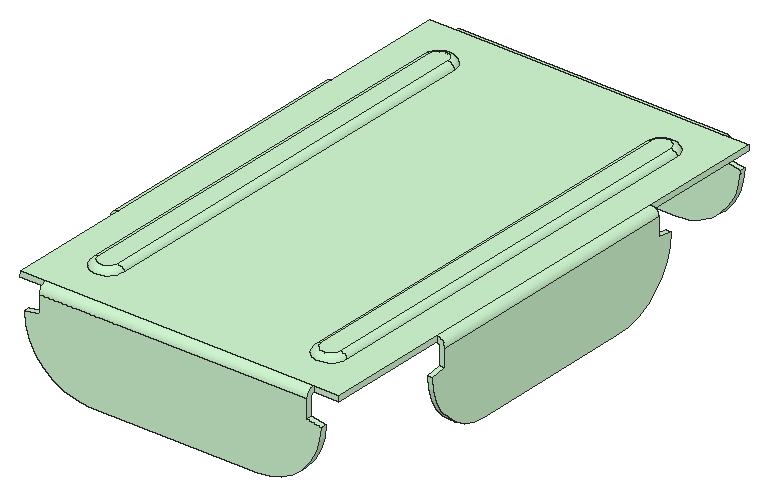
Revit family "crossjoint_ww", category 機械設備, Revit 2022
Family settings
  丸型コネクタ寸法 = 直径を使用
  種別 = なし
  パーツ タイプ = 標準
  作業面ベース = いいえ
  常に垂直 = はい
  ロード時にボイドで切り取り = いいえ
  注釈の向きを維持 = いいえ
  共有 = いいえ
  部屋計算ポイント = いいえ
Parameters
  製造元 = "株式会社桐井製作所"
  既定の高さ = 0 mm
  URL = "https://www.kirii.co.jp/"
  K_品名 = "クロスジョイントWW"
  K_名称 = "特殊ジョイント"
  K_入数 = "250"
  K_バージョン情報 = "20211012"
Reference planes
  plane 1 "中心(正面/背面)": y = 0
  plane 2: z = 0
  plane 3 "中心(左/右)": x = 0
Forms (mm)
  Extrusion 1, solid
    sketch origin (0, 0, 0) x (-1, 0, 0) y (0, 0, 1)
      loop
        arc (24.7, 0) -> (25.054, -0.146) -> (25.2, -0.5) r 0.5
        line (25.2, -0.5) -> (25.2, -13.4) -> (26, -13.4) -> (26, -0.5)
        arc (26, -0.5) -> (25.619, 0.419) -> (24.7, 0.8) r 1.3
        line (24.7, 0.8) -> (-24.7, 0.8)
        arc (-24.7, 0.8) -> (-25.619, 0.419) -> (-26, -0.5) r 1.3
        line (-26, -0.5) -> (-26, -13.4) -> (-25.2, -13.4) -> (-25.2, -0.5)
        arc (-25.2, -0.5) -> (-25.054, -0.146) -> (-24.7, 0) r 0.5
        line (-24.7, 0) -> (24.7, 0)
    from -39.8 to 39.8
  Extrusion 2, solid
    sketch origin (0, -0.031, 0) x (0, 1, 0) y (0, 0, 1)
      loop
        line (-39.769, 0) -> (-39.769, 0.8)
        arc (-39.769, 0.8) -> (-40.688, 0.419) -> (-41.069, -0.5) r 1.3
        line (-41.069, -0.5) -> (-41.069, -13.4) -> (-40.269, -13.4) -> (-40.269, -0.5)
        arc (-40.269, -0.5) -> (-40.122, -0.146) -> (-39.769, 0) r 0.5
    from -26 to 24.8
  Extrusion 3, void
    sketch origin (0, 7.047, -20.4) x (-1, 0, 0) y (0, 0, 1)
      loop
        arc (-13.1, 7) -> (-20.1, 9.859) -> (-23.098, 16.8) r 10
        line (-23.098, 16.8) -> (-20.8, 17.2) -> (-20.8, 21.2) -> (-24.8, 21.2) -> (-24.8, 7) -> (-13.1, 7)
    from -48.4 to -46.543
  Extrusion 4, void
    sketch origin (0, 7.047, -20.4) x (1, 0, 0) y (0, 0, -1)
      loop
        line (-20.8, -17.2) -> (-23.098, -16.8)
        arc (-23.098, -16.8) -> (-20.1, -9.859) -> (-13.1, -7) r 10
        line (-13.1, -7) -> (-26, -7) -> (-26, -21.2) -> (-20.8, -21.2) -> (-20.8, -17.2)
    from -48.4 to -46.543
  Extrusion 5, solid
    sketch origin (0, 0.031, 0) x (0, -1, 0) y (0, 0, -1)
      loop
        line (-40.269, 0.5) -> (-40.269, 13.4) -> (-41.069, 13.4) -> (-41.069, 0.5)
        arc (-41.069, 0.5) -> (-40.688, -0.419) -> (-39.769, -0.8) r 1.3
        line (-39.769, -0.8) -> (-39.769, 0)
        arc (-39.769, 0) -> (-40.122, 0.146) -> (-40.269, 0.5) r 0.5
    from -26 to 26
  Extrusion 6, void
    sketch origin (0, -7.113, -20.4) x (-1, 0, 0) y (0, 0, -1)
      loop
        line (-20.8, -17.2) -> (-23.098, -16.8)
        arc (-23.098, -16.8) -> (-20.1, -9.859) -> (-13.1, -7) r 10
        line (-13.1, -7) -> (-26, -7) -> (-26, -21.2) -> (-20.8, -21.2) -> (-20.8, -17.2)
    from -48.4 to -46.543
  Extrusion 7, void
    sketch origin (0, -7.113, -20.4) x (1, 0, 0) y (0, 0, 1)
      loop
        line (-23.098, 16.8) -> (-20.8, 17.2) -> (-20.8, 21.2) -> (-26, 21.2) -> (-26, 7) -> (-13.1, 7)
        arc (-13.1, 7) -> (-20.1, 9.859) -> (-23.098, 16.8) r 10
    from -48.4 to -46.543
  Extrusion 8, void
    sketch origin (3.452, 0, 0) x (0, 1, 0) y (0, 0, 1)
      loop
        line (-20.8, -3.2) -> (-20.8, 0.8) -> (-41.1, 0.8) -> (-41.1, -13.4) -> (-13.1, -13.4)
        arc (-13.1, -13.4) -> (-20.1, -10.541) -> (-23.098, -3.6) r 10
        line (-23.098, -3.6) -> (-20.8, -3.2)
    from -29.452 to -28.252
  Extrusion 9, void
    sketch origin (3.452, 0, 0) x (0, -1, 0) y (0, 0, -1)
      loop
        line (-20.8, -0.8) -> (-20.8, 3.2) -> (-23.098, 3.6)
        arc (-23.098, 3.6) -> (-20.1, 10.541) -> (-13.1, 13.4) r 10
        line (-13.1, 13.4) -> (-41.1, 13.4) -> (-41.1, -0.8) -> (-20.8, -0.8)
    from -29.452 to -28.252
  Extrusion 10, void
    sketch origin (-3.607, 0, 0) x (0, 1, 0) y (0, 0, -1)
      loop
        line (-20.8, 3.2) -> (-23.098, 3.6)
        arc (-23.098, 3.6) -> (-20.1, 10.541) -> (-13.1, 13.4) r 10
        line (-13.1, 13.4) -> (-41.1, 13.4) -> (-41.1, -0.8) -> (-20.8, -0.8) -> (-20.8, 3.2)
    from -29.607 to -28.407
  Extrusion 11, void
    sketch origin (-3.607, 0, 0) x (0, -1, 0) y (0, 0, 1)
      loop
        line (-20.8, 0.8) -> (-41.1, 0.8) -> (-41.1, -13.4) -> (-13.1, -13.4)
        arc (-13.1, -13.4) -> (-20.1, -10.541) -> (-23.098, -3.6) r 10
        line (-23.098, -3.6) -> (-20.8, -3.2) -> (-20.8, 0.8)
    from -29.607 to -28.407
  Extrusion 12, solid
    sketch origin (0, 0, 0) x (1, 0, 0) y (0, 0, 1)
      loop
        arc (-18.8, 1.6) -> (-19.426, 1.357) -> (-19.8, 0.8) r 1.117
        line (-19.8, 0.8) -> (-14.8, 0.8)
        arc (-14.8, 0.8) -> (-15.174, 1.357) -> (-15.8, 1.6) r 1.117
        line (-15.8, 1.6) -> (-18.8, 1.6)
      loop
        arc (15.8, 1.6) -> (15.174, 1.357) -> (14.8, 0.8) r 1.117
        line (14.8, 0.8) -> (19.8, 0.8)
        arc (19.8, 0.8) -> (19.426, 1.357) -> (18.8, 1.6) r 1.117
        line (18.8, 1.6) -> (15.8, 1.6)
    from -32.1 to 32.1
  Revolve 13, solid
    sketch origin (0, -32.1, 0) x (1, 0, 0) y (0, 0, 1)
      loop
        line (-17.3, 1.6) -> (-18.8, 1.6)
        arc (-18.8, 1.6) -> (-19.426, 1.357) -> (-19.8, 0.8) r 1.117
        line (-19.8, 0.8) -> (-17.3, 0.8) -> (-17.3, 1.6)
      axis (-17.3, 0.8) -> (-17.3, 1.8)
    angle from 0 to 360
  Revolve 14, solid
    sketch origin (0, 32.1, 0) x (1, 0, 0) y (0, 0, 1)
      loop
        line (-17.3, 1.6) -> (-18.8, 1.6)
        arc (-18.8, 1.6) -> (-19.426, 1.357) -> (-19.8, 0.8) r 1.117
        line (-19.8, 0.8) -> (-17.3, 0.8) -> (-17.3, 1.6)
      axis (-17.3, 0.8) -> (-17.3, 1.8)
    angle from 0 to 360
  Revolve 15, solid
    sketch origin (34.6, -32.1, 0) x (1, 0, 0) y (0, 0, 1)
      loop
        line (-17.3, 1.6) -> (-18.8, 1.6)
        arc (-18.8, 1.6) -> (-19.426, 1.357) -> (-19.8, 0.8) r 1.117
        line (-19.8, 0.8) -> (-17.3, 0.8) -> (-17.3, 1.6)
      axis (-17.3, 0.8) -> (-17.3, 1.8)
    angle from 0 to 360
  Revolve 16, solid
    sketch origin (34.6, 32.1, 0) x (1, 0, 0) y (0, 0, 1)
      loop
        line (-17.3, 1.6) -> (-18.8, 1.6)
        arc (-18.8, 1.6) -> (-19.426, 1.357) -> (-19.8, 0.8) r 1.117
        line (-19.8, 0.8) -> (-17.3, 0.8) -> (-17.3, 1.6)
      axis (-17.3, 0.8) -> (-17.3, 1.8)
    angle from 0 to 360
Cuts and joins
  Extrusion 8, Extrusion 9, Extrusion 10, Extrusion 11 cuts Extrusion 1
  Extrusion 3, Extrusion 4, Extrusion 8, Extrusion 9, Extrusion 10, Extrusion 11 cuts Extrusion 2
  Extrusion 6, Extrusion 7, Extrusion 8, Extrusion 9, Extrusion 10, Extrusion 11 cuts Extrusion 5
  joined: Extrusion 1, Extrusion 2, Extrusion 5
  joined: Extrusion 12, Revolve 13, Revolve 14, Revolve 15, Revolve 16
Dimensions and locks
  aligned and locked: level to plane 2
